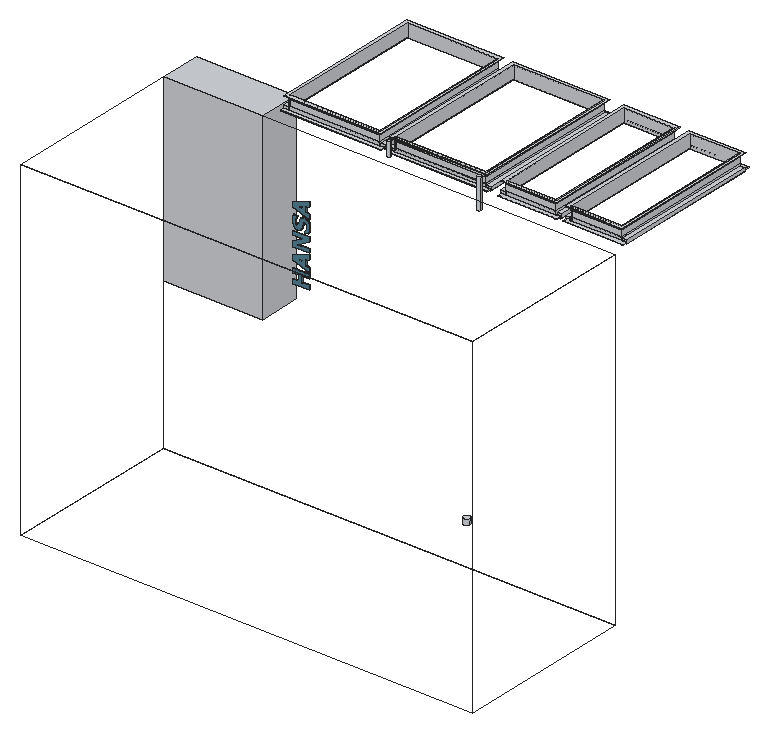
Revit family "KL-P-034-iK-G-R", category HLS-Bauteile, Revit 2020
Family settings
  Bemaßung runder Anschluss = Durchmesser verwenden
  Klassifizierung = Keine
  Teiletyp = Normal
  Arbeitsebenenbasiert = Nein
  Immer vertikal = Ja
  Beim Laden mit Abzugskörper schneiden = Nein
  Gemeinsam genutzt = Nein
  Raumberechnungspunkt = Nein
Parameters
  Zuluftbreite [instance] = 545 mm  # constant formula
  Vorgabe-Ansicht = 0 mm
  TyS [instance] = size_lookup("TyS_Hansa_KL_P", "", "ND", RLT_Serie, Gehaeuserichtung, Gehaeuseausfuehrung, RLT_MSR_KZ)  # "KL-P-034-iK-G-R-eCS"
  Schaltschrankbreite [instance] = 600 mm
  Schaltschrank_montiert [instance] = yes
  SSaG [instance] = and(or(Regelung SAIA, Regelung OJ), Schaltschrank_montiert)  # yes
  Regelung SAIA [instance] = yes
  Regelung OJ [instance] = no
  RLT_Volumenstrom_max = 3400 m³/h  # constant formula
  RLT_Volumenstrom_Unit_2 [instance] = 3400 m³/h
  RLT_Volumenstrom_Unit_1 [instance] = 3400 m³/h
  RLT_Typenschlüssel [instance] = TyS  # "KL-P-034-iK-G-R-eCS"
  RLT_Serie = "KL-P-034-iK"  # constant formula
  RLT_Material_außen [instance] = Stahlblech verzinkt + RAL 9002
  RLT_MSR_KZ [instance] = if(Regelung SAIA, "eCS", if(Regelung OJ, "eCO", "-"))  # "eCS"
  RLT_Länge [instance] = L  # 2130 mm
  RLT_Höhe = H  # 1890 mm
  RLT_Gewicht [instance] = size_lookup("TD_Hansa_KL_P", "Gewicht", 0 mm, TyS) / 1 mm * 1.00 kg  # 0.00 kg
  RLT_Breite = B  # 1080 mm
  Modell = "KL-P-034-iK-G-R"  # constant formula
  L2 = 820 mm  # constant formula
  L1 = 1310 mm  # constant formula
  L = L1 + L2  # 2130 mm
  Kanaltiefe [instance] = RLT_Breite - 190 mm  # 890 mm
  Hersteller = "Hansa"  # constant formula
  H = 1890 mm  # constant formula
  GeräteOK [instance] = H + Fuß  # 2010 mm
  Gehaeuserichtung [instance] = "R"  # constant formula
  Gehaeuseausfuehrung [instance] = "geteilt"  # constant formula
  GD_Spannung [instance] = 230 V
  GD_Phasen [instance] = 1
  GD_Nennstrom [instance] = 0 A
  GD_Anschlussleistung [instance] = 0 W
  Fuß [instance] = 120 mm  # constant formula
  Fortluftbreite = 300 mm  # constant formula
  Bedienzone [instance] = yes
  Baugruppe [instance] = "RLT-Gerät"  # constant formula
  BZl [instance] = if(and(or(Regelung SAIA, Regelung OJ), Schaltschrank_montiert), L + Schaltschrankbreite, L)  # 2730 mm
  B = 1080 mm  # constant formula
  Außenluftbreite = 300 mm  # constant formula
  Abluftbreite [instance] = 545 mm  # constant formula
Reference planes
  plane 1 "Mitte (Vorne/hinten)": y = 0
  plane 2: z = 0
  plane 3 "Mitte (Links/rechts)": x = 0
  plane 4: x = -1065
  plane 5: x = 1065
  plane 6 "GV": y = -540
  plane 7 "GH": y = 540
  plane 8 "OKG": z = 2010
  plane 9: y = 477.5
  plane 10: y = -312.5
  plane 11: x = -1002.5
  plane 12: x = 1002.5
  plane 13: x = -457.5
  plane 14: x = -362.5
  plane 15: x = 182.5
  plane 16: x = 702.5
  plane 17: x = 607.5
  plane 18: x = 307.5
  plane 19: z = 2090
  plane 20 "UKG": z = 120
  plane 21: y = -290
  plane 22: y = -330
  plane 23: z = 90
  plane 24: y = -464
  plane 25: x = 245
  plane 26: y = -1620
  plane 27: x = -1665
Forms (mm)
  Extrusion 1, solid, visible <- "SSaG"
    sketch origin (-61.559, 0, -70) x (1, 0, 0) y (0, 0, 1)
      loop
        line (-1603.441, 2080) -> (-1603.441, 980) -> (-1003.441, 980) -> (-1003.441, 2080) -> (-1603.441, 2080)
    from 540 to 290
  Extrusion 2, solid
    sketch origin (0, 0, 0) x (1, 0, 0) y (0, 1, 0)
      loop
        circle (0, -330) r 20
    from 120 to 90
  Extrusion 3, solid, material "Glas - klar", visible <- "Bedienzone"
    sketch origin (-600, 0, 0) x (1, 0, 0) y (0, 1, 0)
      loop
        line (-1065, -540) -> (-1065, -1620) -> (1665, -1620) -> (1665, -540) -> (-1065, -540)
    from 2010 to 0
  Extrusion 4, solid
    sketch origin (0, 0, 0) x (1, 0, 0) y (0, 1, 0)
      loop
        circle (-362.5, -464) r 10
    from 2090 to 2010
  Extrusion 5, solid
    sketch origin (0, 0, 0) x (1, 0, 0) y (0, 1, 0)
      loop
        circle (182.5, -464) r 10
    from 2090 to 1910
Dimensions and locks
  equal spacing: plane 4, plane 3 "Mitte (Links/rechts)", plane 5
  "L": plane 4 to plane 5
  "B": plane 7 "GH" to plane 6 "GV"
  locked: plane 7 "GH" to plane 9 at 62.5
  locked: plane 4 to plane 11 at 62.5
  locked: plane 12 to plane 5 at 62.5
  "Abluftbreite": plane 11 to plane 13
  locked: plane 13 to plane 14 at 95
  "Zuluftbreite": plane 14 to plane 15
  "Fortluftbreite": plane 16 to plane 12
  locked: plane 17 to plane 16 at 95
  "Außenluftbreite": plane 18 to plane 17
  plane 15 to plane 18 = 125 mm
  locked: nested 3 to plane 16 at 95
  "Fuß": plane 20 "UKG" to level
  plane 19 to plane 8 "OKG" = 80 mm
  locked: plane 4 to nested 1 at 62.5
  locked: plane 13 to nested 2 at 95
  locked: nested 4 to plane 5 at 62.5
  plane 5 to Extrusion 1 = 2130 mm
  "RLT_Höhe": plane 8 "OKG" to plane 20 "UKG"
  equal spacing: plane 7 "GH", plane 1 "Mitte (Vorne/hinten)", plane 6 "GV"
  locked: plane 6 "GV" to plane 21 at 250
  locked: plane 6 "GV" to plane 22 at 210
  plane 20 "UKG" to plane 23 = 30 mm
  locked: plane 24 to plane 6 "GV" at 76
  "L1": plane 4 to plane 25
  "B": plane 26 to plane 6 "GV"
  "BZl": Extrusion 3 to Extrusion 3
  "Schaltschrankbreite": plane 27 to plane 4
  plane 18 to plane 15 = 125 mm
  aligned and locked: level to plane 2
  aligned and locked: plane 8 "OKG" to Extrusion 1
  aligned and locked: Extrusion 1 to plane 6 "GV"
  aligned and locked: plane 21 to Extrusion 1
  aligned and locked: plane 20 "UKG" to Extrusion 2
  aligned and locked: Extrusion 2 to plane 23
  aligned and locked: Extrusion 3 to plane 6 "GV"
  aligned and locked: Extrusion 3 to plane 26
  aligned and locked: plane 8 "OKG" to Extrusion 3
  aligned and locked: Extrusion 1 to plane 4
  aligned and locked: plane 19 to Extrusion 4
  aligned and locked: Extrusion 4 to plane 8 "OKG"
  aligned and locked: plane 19 to Extrusion 5
  aligned and locked: Extrusion 1 to Extrusion 3
  aligned and locked: plane 7 "GH" to nested 6
  aligned and locked: plane 4 to nested 6
Automatic sketch dimensions
  Extrusion 1 sketch curve to plane 5 = 2730 mm
  Extrusion 1 sketch curve to plane 8 "OKG" = 0 mm
  Extrusion 1 sketch curve to plane 5 = 2130 mm
  plane 20 "UKG" to Extrusion 1 sketch curve = 790 mm
  Extrusion 2 sketch curve to plane 3 "Mitte (Links/rechts)" = 0 mm
  Extrusion 2 sketch curve to plane 22 = 0 mm
  plane 4 to Extrusion 3 sketch curve = 600 mm
  Extrusion 3 sketch curve to plane 5 = 0 mm
  Extrusion 3 sketch curve to plane 26 = 0 mm
  plane 6 "GV" to Extrusion 3 sketch curve = 0 mm
  Extrusion 4 sketch curve to plane 14 = 0 mm
  Extrusion 4 sketch curve to plane 24 = 0 mm
  Extrusion 5 sketch curve to plane 15 = 0 mm
  Extrusion 5 sketch curve to plane 24 = 0 mm
  radius of Extrusion 2 sketch curve = 20 mm
  radius of Extrusion 4 sketch curve = 10 mm
  radius of Extrusion 5 sketch curve = 10 mm
Nested families
  nested 1: "Kanalstutzen" at (-730, 29.209, 2010) x (1, 0, 0) z (0, -1, 0), 2570_EST_Breite <- "Abluftbreite", 2571_EST_Höhe <- "Kanaltiefe", built-in parameter 1001360 <- "GeräteOK", type "Kanalstutzen"
    with Tiefe 80 mm, RahmenG2 20 mm, RahmenG1 30 mm, Höhe 890 mm, Breite 545 mm, 2572_EST_Tiefe 80 mm, 2571_EST_Höhe 890 mm, 2570_EST_Breite 545 mm, 1966_EST_Rahmentyp ""
  nested 2: "Kanalstutzen" at (-90, 29.209, 2010) x (1, 0, 0) z (0, -1, 0), 2570_EST_Breite <- "Zuluftbreite", 2571_EST_Höhe <- "Kanaltiefe", built-in parameter 1001360 <- "GeräteOK", type "Kanalstutzen"
    with Tiefe 80 mm, RahmenG2 20 mm, RahmenG1 30 mm, Höhe 890 mm, Breite 545 mm, 2572_EST_Tiefe 80 mm, 2571_EST_Höhe 890 mm, 2570_EST_Breite 545 mm, 1966_EST_Rahmentyp ""
  nested 3: "Kanalstutzen" at (457.5, 29.209, 2010) x (1, 0, 0) z (0, -1, 0), 2570_EST_Breite <- "Außenluftbreite", 2571_EST_Höhe <- "Kanaltiefe", built-in parameter 1001360 <- "GeräteOK", type "Kanalstutzen"
    with Tiefe 80 mm, RahmenG2 20 mm, RahmenG1 30 mm, Höhe 890 mm, Breite 300 mm, 2572_EST_Tiefe 80 mm, 2571_EST_Höhe 890 mm, 2570_EST_Breite 300 mm, 1966_EST_Rahmentyp ""
  nested 4: "Kanalstutzen" at (852.5, 29.209, 2010) x (1, 0, 0) z (0, -1, 0), 2570_EST_Breite <- "Fortluftbreite", 2571_EST_Höhe <- "Kanaltiefe", built-in parameter 1001360 <- "GeräteOK", type "Kanalstutzen"
    with Tiefe 80 mm, RahmenG2 20 mm, RahmenG1 30 mm, Höhe 890 mm, Breite 300 mm, 2572_EST_Tiefe 80 mm, 2571_EST_Höhe 890 mm, 2570_EST_Breite 300 mm, 1966_EST_Rahmentyp ""
  nested 5: "Hansa_Aufkleber_klein" at (-780, -540, 1390) x (0, 0, 1) z (0, -1, 0), type "Hansa_Aufkleber_klein"
  nested 6: "P-034-G-R_ipt" at (0, 0, 0), type "Norm"
Connectors
  hvac at (-730, 29.209, 2089), driven by "RLT_Volumenstrom_Unit_2", driven by "Abluftbreite", driven by "Kanaltiefe"
    settings: on nested 1, index 1, duct flow 3400 m³/h, flow factor 0, pres drop 0.0 Pa, loss coef 0, conn angle 0.00°, conn width 545 mm, conn height 890 mm, conn diameter 609.6 mm, duct sys type 2, conn prof type 1, flow config 0, flow direction 1, loss method 0, conn ref index -1, conn util no, is conn primary yes, conn desc ""
  hvac at (-90, 29.209, 2089), driven by "RLT_Volumenstrom_Unit_1", driven by "Zuluftbreite", driven by "Kanaltiefe"
    settings: on nested 2, index 2, duct flow 3400 m³/h, flow factor 0, pres drop 0.0 Pa, loss coef 0, conn angle 0.00°, conn width 545 mm, conn height 890 mm, conn diameter 609.6 mm, duct sys type 1, conn prof type 1, flow config 0, flow direction 2, loss method 0, conn ref index -1, conn util no, is conn primary no, conn desc ""
  hvac at (457.5, 29.209, 2089), driven by "RLT_Volumenstrom_Unit_1", driven by "Außenluftbreite", driven by "Kanaltiefe"
    settings: on nested 3, index 3, duct flow 3400 m³/h, flow factor 0, pres drop 0.0 Pa, loss coef 0, conn angle 0.00°, conn width 300 mm, conn height 890 mm, conn diameter 609.6 mm, duct sys type 1, conn prof type 1, flow config 0, flow direction 1, loss method 0, conn ref index -1, conn util no, is conn primary no, conn desc ""
  hvac at (852.5, 29.209, 2089), driven by "RLT_Volumenstrom_Unit_2", driven by "Fortluftbreite", driven by "Kanaltiefe"
    settings: on nested 4, index 4, duct flow 3400 m³/h, flow factor 0, pres drop 0.0 Pa, loss coef 0, conn angle 0.00°, conn width 300 mm, conn height 890 mm, conn diameter 609.6 mm, duct sys type 3, conn prof type 1, flow config 1, flow direction 2, loss method 0, conn ref index -1, conn util no, is conn primary no, conn desc ""
  piping at (0, -330, 90), diameter 40
    settings: on Extrusion 2, index 5, connector inside diameter 609.6 mm, connector length 0 mm, flow factor 0, pipe flow 0.0 L/s, pressure drop 0.0 Pa, fitting loss kfactor 0, connector angle 0.00°, fixture units 0, engagement length 0 mm, angle of deflection 0.00°, flow configuration 0, flow direction 2, fitting loss method 0, system type 16, joint type 0, gender type 0, connector reference index -1, connector utility 0, adjustable connector no, is connector primary yes, connector description ""
  piping at (-362.5, -464, 2090), diameter 20
    settings: on Extrusion 4, index 6, connector inside diameter 609.6 mm, connector length 0 mm, flow factor 0, pipe flow 0.0 L/s, pressure drop 0.0 Pa, fitting loss kfactor 0, connector angle 0.00°, fixture units 0, engagement length 0 mm, angle of deflection 0.00°, flow configuration 0, flow direction 0, fitting loss method 0, system type 19, joint type 0, gender type 0, connector reference index -1, connector utility 0, adjustable connector no, is connector primary no, connector description ""
  piping at (182.5, -464, 2090), diameter 20
    settings: on Extrusion 5, index 7, connector inside diameter 609.6 mm, connector length 0 mm, flow factor 0, pipe flow 0.0 L/s, pressure drop 0.0 Pa, fitting loss kfactor 0, connector angle 0.00°, fixture units 0, engagement length 0 mm, angle of deflection 0.00°, flow configuration 0, flow direction 0, fitting loss method 0, system type 19, joint type 0, gender type 0, connector reference index -1, connector utility 0, adjustable connector no, is connector primary no, connector description ""
Definition of nested family "Kanalstutzen"
  Parameters (values of type "Kanalstutzen")
    Default Elevation = 0 mm
    Tiefe [instance] = [2572_EST_Tiefe]  # 80 mm
    RahmenG2 [instance] = 20 mm
    RahmenG1 [instance] = 30 mm
    Höhe [instance] = [2571_EST_Höhe]  # 500 mm
    Manufacturer = "Hansa"
    Breite [instance] = [2570_EST_Breite]  # 1000 mm
    Description = "Durchbruchsverkleidung"
    2572_EST_Tiefe [instance] = 80 mm
    2571_EST_Höhe [instance] = 500 mm
    2570_EST_Breite [instance] = 1000 mm
    1966_EST_Rahmentyp [instance] = ""
  Reference planes
    plane 1 "Mitte (Vorne/hinten)": y = 0
    plane 2: z = 0
    plane 3 "Mitte (Links/rechts)": x = 0
    plane 4: x = -500
    plane 5: x = 500
    plane 6 "hinten": y = 80
    plane 7: z = 250
    plane 8: z = -250
    plane 9 "R1links": x = -530
    plane 10 "R1rechts": x = 530
    plane 11 "R2links": x = -520
    plane 12 "R2rechts": x = 520
    plane 13 "R1oben": z = 280
    plane 14 "R1unten": z = -280
    plane 15: z = -270
    plane 16: z = 270
  Forms (mm)
    Sweep 1, solid
      path origin (0, 0, 0) x (1, 0, 0) y (0, 0, 1)
        loop
          line (-500, 250) -> (-500, -250) -> (500, -250) -> (500, 250) -> (-500, 250)
      profile origin (0, 0, 250) x (0, 0, 1) y (0, -1, 0)
        loop
          line (0, -40) -> (0, -80) -> (20, -80) -> (20, -79) -> (1.999, -79) -> (1.999, -59) -> (0.962, -59) -> (0.962, -21.406) -> (1.999, -21.406) -> (1.999, -1.406) -> (30, -1.406) -> (30, 0) -> (0, 0) -> (0, -40)
  Dimensions and locks
    equal spacing: plane 4, plane 3 "Mitte (Links/rechts)", plane 5
    "Breite": plane 4 to plane 5
    equal spacing: plane 7, level, plane 8
    "Höhe": plane 7 to plane 8
    "RahmenG1": plane 9 "R1links" to plane 4
    "RahmenG1": plane 5 to plane 10 "R1rechts"
    "RahmenG2": plane 11 "R2links" to plane 4
    "RahmenG2": plane 5 to plane 12 "R2rechts"
    "RahmenG1": plane 13 "R1oben" to plane 7
    "RahmenG1": plane 8 to plane 14 "R1unten"
    "RahmenG2": plane 16 to plane 7
    "RahmenG2": plane 8 to plane 15
    Sweep 1 sketch curve to Sweep 1 sketch curve = 1.406 mm
    Sweep 1 sketch curve to Sweep 1 sketch curve = 1 mm
    Sweep 1 sketch curve to Sweep 1 sketch curve = 0.962 mm
    "2572_EST_Tiefe": plane 6 "hinten" to plane 1 "Mitte (Vorne/hinten)"
    aligned and locked: level to plane 2
    aligned and locked: plane 16 to Sweep 1 sketch curve
    aligned and locked: plane 13 "R1oben" to Sweep 1 sketch curve
    aligned and locked: plane 1 "Mitte (Vorne/hinten)" to Sweep 1
    aligned and locked: plane 1 "Mitte (Vorne/hinten)" to nested 1
    aligned and locked: nested 1 to plane 10 "R1rechts"
    aligned and locked: nested 2 to plane 9 "R1links"
    aligned and locked: plane 8 to nested 2
    aligned and locked: nested 1 to plane 8
  Automatic sketch dimensions
    plane 4 to Sweep 1 sketch curve = 0 mm
    plane 5 to Sweep 1 sketch curve = 0 mm
    Sweep 1 sketch curve to plane 8 = 0 mm
    Sweep 1 sketch curve to plane 7 = 0 mm
    Sweep 1 sketch curve to plane 1 "Mitte (Vorne/hinten)" = 0 mm
    profile plane to Sweep 1 sketch curve = 0 mm
    Sweep 1 sketch curve to profile plane = 1.999 mm  (x2)
    Sweep 1 sketch curve to Sweep 1 sketch curve = 20 mm  (x2)
    Sweep 1 sketch curve to Sweep 1 sketch curve = 18.594 mm
    Sweep 1 sketch curve to Sweep 1 sketch curve = 19 mm
  Nested families
    nested 1: "EGJK30" at (520, 0, -250), L <- "Höhe", type "EGJK30"
      with L 500 mm
    nested 2: "EGJK30" at (-520, 0, -250) x (-1, 0, 0) z (0, 0, 1), L <- "Höhe", type "EGJK30"
      with L 500 mm
  Definition of nested family "EGJK30"
    Parameters (values of type "EGJK30")
      Default Elevation = 0 mm
      L [instance] = 1000 mm
    Reference planes
      plane 1 "Mitte (Vorne/hinten)": y = 0
      plane 2: z = 0
      plane 3 "Mitte (Links/rechts)": x = 0
    Forms (mm)
      Extrusion 1, solid
        sketch origin (16.67, -35.46, 0) x (1, 0, 0) y (0, 1, 0)
          loop
            line (-26.67, 25.46) -> (-6.67, 25.46) -> (-6.67, 30.46) -> (-1.67, 30.46) -> (-1.67, 50.46) -> (-34.67, 50.46) -> (-34.67, 38.46) -> (-5.67, 38.46) -> (-5.67, 35.46) -> (-25.67, 35.46) -> (-25.67, 36.96) -> (-34.67, 36.96) -> (-34.67, 33.96) -> (-26.67, 25.46)
        from 0 to 1000
    Dimensions and locks
      "L": Extrusion 1 to Extrusion 1
      aligned and locked: level to plane 2
    Automatic sketch dimensions
      plane 1 "Mitte (Vorne/hinten)" to Extrusion 1 sketch curve = 0 mm
      Extrusion 1 sketch curve to plane 3 "Mitte (Links/rechts)" = 18 mm
      plane 1 "Mitte (Vorne/hinten)" to Extrusion 1 sketch curve = 1.5 mm
      Extrusion 1 sketch curve to Extrusion 1 sketch curve = 0 mm
      Extrusion 1 sketch curve to plane 3 "Mitte (Links/rechts)" = 10 mm
      Extrusion 1 sketch curve to plane 3 "Mitte (Links/rechts)" = 9 mm
      plane 1 "Mitte (Vorne/hinten)" to Extrusion 1 sketch curve = 5 mm
      plane 3 "Mitte (Links/rechts)" to Extrusion 1 sketch curve = 10 mm
      Extrusion 1 sketch curve to Extrusion 1 sketch curve = 1 mm
      Extrusion 1 sketch curve to Extrusion 1 sketch curve = 5 mm
      plane 1 "Mitte (Vorne/hinten)" to Extrusion 1 sketch curve = 10 mm
      Extrusion 1 sketch curve to plane 1 "Mitte (Vorne/hinten)" = 1.5 mm
      Extrusion 1 sketch curve to Extrusion 1 sketch curve = 1.5 mm
      Extrusion 1 sketch curve to Extrusion 1 sketch curve = 12 mm
Definition of nested family "Hansa_Aufkleber_klein"
  Parameters (values of type "Hansa_Aufkleber_klein")
    Default Elevation = 1219.2 mm
  Reference planes
    plane 1 "Mitte (Vorne/hinten)": y = 0
    plane 2: z = 0
    plane 3 "Mitte (Links/rechts)": x = 0
  Forms (mm)
    Extrusion 1, solid, detail levels medium+fine
      sketch origin (6.994, -10.767, 0) x (1, 0, 0) y (0, 1, 0)
        loop
          line (-226.694, 10.767) -> (-201.573, 10.767) -> (-201.573, 55.095) -> (-167.456, 55.095) -> (-167.456, 10.767) -> (-142.335, 10.767) -> (-142.335, 110.767) -> (-167.456, 110.767) -> (-167.456, 74.138) -> (-201.573, 74.138) -> (-201.573, 110.767) -> (-226.694, 110.767) -> (-226.694, 10.767)
        loop
          line (202.074, 82.404) -> (191.782, 49.341) -> (212.284, 49.341) -> (202.074, 82.404)
        loop
          line (188.703, 110.767) -> (154.91, 10.767) -> (180.032, 10.767) -> (186.353, 31.189) -> (217.795, 31.189) -> (224.035, 10.767) -> (249.886, 10.767) -> (216.093, 110.767) -> (188.703, 110.767)
        loop
          line (34.084, 10.767) -> (58.233, 10.767) -> (58.233, 110.767) -> (35.299, 110.767) -> (35.299, 53.474) -> (3.37, 110.767) -> (-27.424, 110.767) -> (-27.424, 10.767) -> (-4.49, 10.767) -> (-4.49, 80.459) -> (34.084, 10.767)
        loop
          line (-85.203, 82.404) -> (-95.495, 49.341) -> (-74.993, 49.341) -> (-85.203, 82.404)
        loop
          line (-98.575, 110.767) -> (-132.367, 10.767) -> (-107.245, 10.767) -> (-100.925, 31.189) -> (-69.482, 31.189) -> (-63.242, 10.767) -> (-37.391, 10.767) -> (-71.184, 110.767) -> (-98.575, 110.767)
        loop
          line (73.143, 16.683) -> (80.903, 13.695) -> (89.27, 11.213) -> (93.783, 10.238) -> (98.65, 9.542) -> (103.872, 9.124) -> (109.448, 8.984) -> (114.303, 9.126) -> (118.902, 9.552) -> (123.243, 10.261) -> (127.327, 11.253) -> (131.154, 12.53) -> (134.724, 14.09) -> (138.037, 15.933) -> (141.093, 18.061) -> (143.838, 20.421) -> (146.216, 22.963) -> (148.229, 25.688) -> (149.876, 28.595) -> (151.156, 31.685) -> (152.071, 34.957) -> (152.62, 38.411) -> (152.803, 42.048) -> (152.724, 44.578) -> (152.487, 46.981) -> (152.091, 49.257) -> (151.537, 51.407) -> (150.825, 53.431) -> (149.954, 55.328) -> (148.925, 57.098) -> (147.738, 58.741) -> (144.874, 61.745) -> (141.346, 64.434) -> (137.155, 66.81) -> (132.301, 68.871) -> (127.124, 70.542) -> (122.293, 71.829) -> (112.609, 74.057) -> (109.035, 74.977) -> (106.095, 75.952) -> (103.788, 76.982) -> (102.114, 78.069) -> (100.927, 79.287) -> (100.078, 80.713) -> (99.569, 82.346) -> (99.4, 84.187) -> (99.506, 85.453) -> (99.825, 86.659) -> (100.357, 87.803) -> (101.101, 88.887) -> (102.965, 90.731) -> (105.153, 92.048) -> (107.99, 93.142) -> (110.664, 93.83) -> (113.439, 94.195) -> (116.579, 94.317) -> (120.768, 94.112) -> (124.906, 93.496) -> (128.993, 92.471) -> (133.03, 91.035) -> (136.889, 89.3) -> (140.445, 87.378) -> (143.697, 85.268) -> (146.644, 82.971) -> (148.832, 82.971) -> (148.832, 105.824) -> (145.231, 107.285) -> (141.397, 108.589) -> (137.33, 109.737) -> (133.03, 110.727) -> (128.608, 111.524) -> (124.177, 112.094) -> (119.735, 112.436) -> (115.283, 112.55) -> (110.919, 112.414) -> (106.741, 112.006) -> (102.749, 111.325) -> (98.944, 110.372) -> (95.324, 109.147) -> (91.891, 107.65) -> (88.644, 105.88) -> (85.583, 103.839) -> (82.8, 101.578) -> (80.389, 99.151) -> (78.348, 96.559) -> (76.679, 93.8) -> (75.38, 90.876) -> (74.453, 87.786) -> (73.896, 84.53) -> (73.711, 81.108) -> (74.025, 76.136) -> (74.967, 71.596) -> (76.537, 67.486) -> (78.735, 63.806) -> (80.094, 62.119) -> (81.657, 60.522) -> (83.426, 59.014) -> (85.4, 57.597) -> (87.58, 56.269) -> (89.964, 55.031) -> (92.553, 53.884) -> (95.348, 52.826) -> (100.625, 51.195) -> (106.247, 49.868) -> (111.869, 48.642) -> (117.147, 47.315) -> (119.104, 46.707) -> (120.925, 45.937) -> (122.609, 45.006) -> (124.156, 43.912) -> (125.451, 42.645) -> (126.375, 41.197) -> (126.929, 39.566) -> (127.114, 37.753) -> (127, 36.17) -> (126.658, 34.744) -> (126.089, 33.475) -> (125.291, 32.364) -> (123.275, 30.53) -> (120.874, 29.163) -> (118.413, 28.312) -> (115.242, 27.704) -> (112.052, 27.339) -> (109.529, 27.218) -> (105.242, 27.433) -> (100.889, 28.079) -> (96.47, 29.155) -> (91.985, 30.662) -> (87.561, 32.569) -> (83.324, 34.845) -> (79.274, 37.492) -> (75.413, 40.508) -> (73.143, 40.508) -> (73.143, 16.683)
      from 0 to 2
  Dimensions and locks
    aligned and locked: level to plane 2
Definition of nested family "P-034-G-R_ipt"
  Parameters (values of type "Norm")
    Default Elevation = 0 mm
  Reference planes
    plane 1 "Mitte (Vorne/Hinten)": y = 0
    plane 2: z = 0
    plane 3 "Mitte (Links/Rechts)": x = 0
  Dimensions and locks
    aligned and locked: level to plane 2
